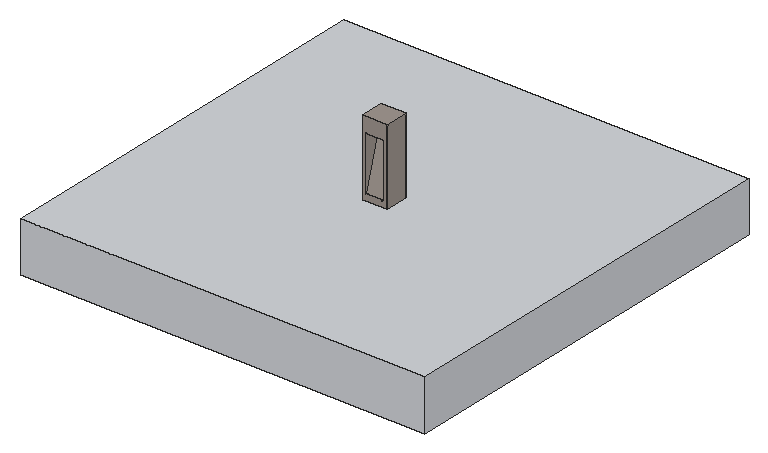
Revit family "BalizadorConcreto_PBC9W-P_PBC9W-G_PowerLume", category Luminárias, Revit 2022
Family settings
  Hospedeiro = Face
  Cota do conector redondo = Utilizar diâmetro
  Tipo de parte = Normal
  Número OmniClass = 23.80.70.14.11.14
  Título OmniClass = Post-Top Lighting
  Corte com vazios quando carregada = Sim
  Fonte luminosa = Não
  Manter orientação da anotação = Não
  Compartilhado = Sim
  Ponto de cálculo do ambiente = Não
Parameters (values of type "PBC9W-P")
  Ângulo de abertura = "Difuso assimétrico"
  Voltagem Luminária = 0 V
  Vida útil = "60000h"
  Versão = 1  # constant formula
  URL do produto = "https://www.powerlume.com.br/produtos/balizador-totem-concreto"
  URL = "https://www.powerlume.com.br/"
  Tipo de imagem = pbc.1236.png
  Temperatura de cor = "3000K"  # constant formula
  Potência = "9W"  # constant formula
  Peso = "0"
  Modelo de luminária = BalizadorConcreto_PBC9W-P_Base_PowerLume : PBC9W-P
  Modelo = "PBC9W-P"
  Manual de instalação = ""
  Lâmpada = "Placa LED"
  Localização = "Caxias do Sul - RS / Brasil"  # constant formula
  IfcExportAs = "IfcLightFixtureType"  # constant formula
  IRC = "90"  # constant formula
  IP = "65"  # constant formula
  Frame = Concreto, leve
  Fluxo luminoso = "760 lm"  # constant formula
  Ficha técnica = ""
  Fator de Potência Luminária = 1
  Fabricante = "Power Lume"  # constant formula
  Default Elevation = 1219.2 mm
  Profundidade = 140 mm  # constant formula
  Difusor = PMMA transparente anti UV
  Descrição = "Poste balizador LED em concreto"
  Data da atualização = "27/02/2025"  # constant formula
  Assembly Code = ""
  Contato do fabricante = "(54) 3066-6488"  # constant formula
  Comentários de voltagem = "110 ou 220Vac 50/60Hz com driver incorporado"
  Catálogo de produtos = "https://www.powerlume.com.br/downloads"
  Carga Aparente Luminária = 0 VA
  Largura = 150 mm  # constant formula
  Altura = 456 mm
Types (2, lengths in mm): name | Modelo de luminária | Modelo | Altura
  PBC9W-P | BalizadorConcreto_PBC9W-P_Base_PowerLume : PBC9W-P | "PBC9W-P" | 456
  PBC9W-G | BalizadorConcreto_PBC9W-G_Base_PowerLume : PBC9W-G | "PBC9W-G" | 750
Reference planes
  plane 1 "Centro (Frente/Trás)": y = 0
  plane 2: z = 0
  plane 3 "Centro (Esquerda/Direita)": x = 0
  plane 4: y = 0
Forms (mm)
  Extrusion 1, solid
    sketch origin (0, 0, 0) x (1, 0, 0) y (0, 1, 0)
      loop
        line (-1219.2, 1219.2) -> (-1219.2, -1219.2) -> (1219.2, -1219.2) -> (1219.2, 1219.2) -> (-1219.2, 1219.2)
    from 0 to -304.8
Dimensions and locks
  aligned and locked: plane 2 to Extrusion 1
  aligned and locked: level to Extrusion 1
Nested families
  nested 1: "BalizadorConcreto_PBC9W-P_Base_PowerLume" at (0, 0, 0), type <- "Modelo de luminária", type "PBC9W-P"
Connectors
  electrical at (0, 0, 0), driven by "Voltagem Luminária", driven by "Carga Aparente Luminária", driven by "Fator de Potência Luminária"
    settings: on nested 1, index 1, voltage 0 V, apparent load 0 VA, apparent load phase1 0 VA, apparent load phase2 0 VA, apparent load phase3 0 VA, power factor 1, load classification "Outro", number of poles 1, system type 31, power factor state 1, is connector primary yes, connector utility no, sub classification motor no, connector description ""
Definition of nested family "BalizadorConcreto_PBC9W-P_Base_PowerLume"
  Parameters (values of type "PBC9W-P")
    Ângulo de abertura = "Difuso assimétrico"
    Voltagem Luminária = 0 V
    Vida útil = "60000h"
    Versão = 1  # constant formula
    URL do produto = "https://www.powerlume.com.br/produtos/balizador-totem-concreto"
    URL = "https://www.powerlume.com.br/"
    Type Image = element 99864
    Temperatura de cor = "3000K"
    Potência = "9W"  # constant formula
    Peso = "0"
    Model = "PBC9W-P"  # constant formula
    Manual de instalação = ""
    Lamp = "Placa LED"
    Localização = "Caxias do Sul - RS / Brasil"  # constant formula
    IfcExportAs = "IfcLightFixtureType"  # constant formula
    IRC = "85"  # constant formula
    IP = "65"  # constant formula
    Frame = none
    Fluxo luminoso = "760 lm"
    Ficha técnica = ""
    Fator de Potência Luminária = 1
    Manufacturer = "Power Lume"  # constant formula
    Default Elevation = 1219.2 mm
    Profundidade = 140 mm  # constant formula
    Difusor = none
    Description = "Poste balizador LED em concreto"
    Data da atualização = "26/02/2025"  # constant formula
    Assembly Code = ""
    Contato do fabricante = "(54) 3066-6488"  # constant formula
    Wattage Comments = "110 ou 220Vac 50/60Hz com driver incorporado"
    Catálogo de produtos = "https://www.powerlume.com.br/downloads"
    Carga Aparente Luminária = 0 VA
    Largura = 150 mm  # constant formula
    Altura = 456 mm  # constant formula
  Reference planes
    plane 1 "Centro (Frente/Trás)": y = 0
    plane 2: z = 0
    plane 3 "Centro (Esquerda/Direita)": x = 0
    plane 4: y = 0
    plane 5: through (0, -1.489, 346.426) normal (0, -0.2756, -0.9613)
  Forms (mm)
    Extrusion 1, solid
      sketch origin (0, 0, 0) x (1, 0, 0) y (0, 1, 0)
        loop
          line (-1219.2, 1219.2) -> (-1219.2, -1219.2) -> (1219.2, -1219.2) -> (1219.2, 1219.2) -> (-1219.2, 1219.2)
      from 0 to -304.8
    Sweep 2, solid, material <- "Frame"
      path origin (0, 0, 0) x (0, 1, 0) y (0, 0, 1)
        loop
          line (0, 0) -> (0, 456)
      profile origin (0, 0, 228) x (0, -1, 0) y (1, 0, 0)
        loop
          line (70, 0) -> (70, 73.5)
          arc (70, 73.5) -> (69.561, 74.561) -> (68.5, 75) r 1.5
          line (68.5, 75) -> (-68.5, 75)
          arc (-68.5, 75) -> (-69.561, 74.561) -> (-70, 73.5) r 1.5
          line (-70, 73.5) -> (-70, -73.5)
          arc (-70, -73.5) -> (-69.561, -74.561) -> (-68.5, -75) r 1.5
          line (-68.5, -75) -> (68.5, -75)
          arc (68.5, -75) -> (69.561, -74.561) -> (70, -73.5) r 1.5
          line (70, -73.5) -> (70, 0)
    Extrusion 3, void
      sketch origin (0, 0, 0) x (0, 1, 0) y (0, 0, 1)
        loop
          line (-70, 366) -> (-70, 36.36)
          arc (-70, 36.36) -> (-69.904, 37.405) -> (-69.619, 38.415) r 5.734
          line (-69.619, 38.415) -> (17.149, 341.01) -> (-70, 366)
      from -54 to 54
    Extrusion 4, void
      sketch origin (0, 8.565, -2.456) x (0, 1, 0) y (0, 0, 1)
        loop
          line (-20.581, 351.865) -> (-17.825, 361.478) -> (-46.663, 369.747) -> (-49.419, 360.135) -> (-20.581, 351.865)
      from -39 to 39
    Sweep 5, solid
      path origin (0, 7.076, 343.97) x (0, 0.961262, -0.275637) y (1, 0, 0)
        loop
          line (-19.852, -39) -> (-19.852, 39) -> (-49.852, 39) -> (-49.852, -39) -> (-19.852, -39)
      profile origin (0, -12.007, 349.441) x (0, -0.961262, 0.275637) y (0, -0.275637, -0.961262)
        loop
          line (0, 0.033) -> (0, -9.967) -> (1, -9.967) -> (1, 1.033) -> (0, 1.033) -> (-10, 1.033) -> (-10, 0.033) -> (0, 0.033)
    Extrusion 6, solid
      sketch origin (0, 8.565, -2.456) x (0, 1, 0) y (0, 0, 1)
        loop
          line (-45.701, 369.472) -> (-45.977, 368.51) -> (-19.062, 360.792) -> (-18.786, 361.754) -> (-45.701, 369.472)
      from -38 to 38
    Extrusion 7, solid, material <- "Difusor"
      sketch origin (0, 8.565, -2.456) x (0, 1, 0) y (0, 0, 1)
        loop
          line (-48.449, 359.891) -> (-48.733, 358.898) -> (-21.818, 351.18) -> (-21.533, 352.173) -> (-48.449, 359.891)
      from -38 to 38
    Extrusion 8, solid
      sketch origin (0, 24.247, 339.046) x (0, 0.961262, -0.275637) y (1, 0, 0)
        loop
          circle (-41.215, 0) r 2
      from -8.967 to -7.6
  Cuts and joins
    Extrusion 3, Extrusion 4 cuts Sweep 2
    joined: Sweep 5, Extrusion 6
  Dimensions and locks
    aligned and locked: plane 2 to Extrusion 1
    aligned and locked: level to Extrusion 1
  Nested families
    nested 1: "BalizadorConcreto_PBC9W_FonteLuminosa_PowerLume" at (0.522, -13.248, 357.703) x (0, -0.9613, 0.2756) z (0, 0.2756, 0.9613), type "3000K"
  Definition of nested family "BalizadorConcreto_PBC9W_FonteLuminosa_PowerLume"
    Parameters (values of type "3000K")
      Tilt Angle = 90.00°  # constant formula
      Wattage = 17.9034 W
      Dimming Lamp Color Temperature Shift = (empty or 0)
      built-in parameter 1150107 = 3000 (stored number, unit not read)
      built-in parameter 1150110 = 1 (stored number, unit not read)
      built-in parameter 1150109 = 1 (stored number, unit not read)
      built-in parameter 1114218 = 1 (stored number, unit not read)
      built-in parameter 1150112 = 1 (stored number, unit not read)
      built-in parameter 1150113 = 1 (stored number, unit not read)
      built-in parameter 1150132 = 2
      built-in parameter 1150137 = (empty or 0)
      built-in parameter 1150106 = 0.60479 (stored number, unit not read)
      built-in parameter 1150102 = (empty or 0)
      built-in parameter 1150105 = 60.479 (stored number, unit not read)
      Color Filter = 16777215
      built-in parameter 1114217 = 1 (stored number, unit not read)
      built-in parameter 1150139 = (empty or 0)
      Default Elevation = 1219.2 mm
      built-in parameter 1150104 = 3.9437 (stored number, unit not read)
      built-in parameter 1150115 = 1 (stored number, unit not read)
      built-in parameter 1150114 = 1 (stored number, unit not read)
      Lumens = 760 lm
      built-in parameter 1150138 = (empty or 0)
      built-in parameter 1150134 = (empty or 0)
      Photometric Web File = "PBC9W.ies"
      built-in parameter 1150133 = 10 (stored number, unit not read)
    Reference planes
      plane 1 "Centro (Frente/Trás)": y = 0
      plane 2: z = 0
      plane 3 "Centro (Esquerda/Direita)": x = 0
    Forms (mm)
      Extrusion 1, solid
        sketch origin (0, 0, 0) x (1, 0, 0) y (0, 1, 0)
          loop
            line (-1219.2, 1219.2) -> (-1219.2, -1219.2) -> (1219.2, -1219.2) -> (1219.2, 1219.2) -> (-1219.2, 1219.2)
        from 0 to -304.8
    Dimensions and locks
      aligned and locked: plane 2 to Extrusion 1
      aligned and locked: level to Extrusion 1
